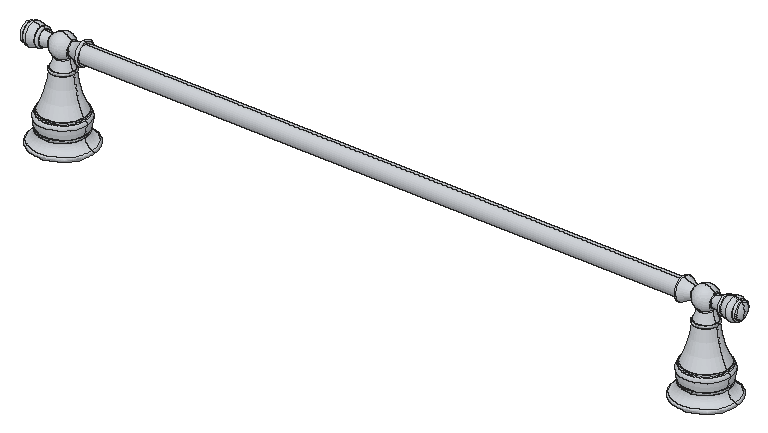
Revit family "Accessory-Towel_Bar-KOHLER-REVIVAL-K-16150T", category Specialty Equipment, host Face, Revit 2017
Family settings
  Host = Face
  Round Connector Dimension = Use Diameter
  Part Type = Normal
  OmniClass Number = 23.31.25.25
  Cut with Voids When Loaded = No
  Shared = No
  Room Calculation Point = No
Parameters (values of type "CP-Polished Chrome")
  Width = 23 125/128"  # constant formula
  WaterSense Certified = 1 = 0  # no
  URL = "http://www.kohler.com.cn/"
  Type = 1
  Product Page URL = "https://www.kohler.com.cn/product/K-16150T-CP/K-16150T-CP/"
  Product Name = "REVIVAL"  # constant formula
  Product Documentation Link = "https://files.kohler.com.cn/pdfs/inst_revival.pdf"
  Model = if(Type = 1, "K-16150T-CP", if(Type = 2, "K-16150T-AF", "NA"))  # "K-16150T-CP"
  Material = "Premium Metal Construction"  # constant formula
  Master Format 2014 Name = "Toilet, Bath, and Laundry Accessories"  # constant formula
  Master Format 2014 = "10 28 00"  # constant formula
  Manufacturer Address = "Kohler Beijing Office (100016) 36-2-03-B, No. 88, Liuxiang Road, Beijing"  # constant formula
  Manufacturer = "KOHLER Co."  # constant formula
  Length = 3 179/256"  # constant formula
  Height = 2.28346"  # constant formula
  Finish = Kohler-Metal-CP-Polished_Chrome
  Environmental Product Declaration = ""
  Description = "24 inch Towel Bar"  # constant formula
  Default Elevation = 42"
  Declare Label = ""
  Date Modified = "09/18/2020"  # constant formula
  Date Created = "09/18/2020"  # constant formula
  Copyright = "Copyright KOHLER Co."  # constant formula
  Contact Us = "http://www.kohler.com.cn/contact/contact-us/"
  Assembly Code = "C1030200"
  ADA Compliant = 1 = 0  # no
Reference planes (in)
  plane 1 "Center (Front/Back)": y = 0
  plane 2: z = 0
  plane 3 "Center (Left/Right)": x = 0
  plane 4: x = -13.4252
  plane 5: x = 13.4252
  plane 6: x = -11.98819
  plane 7: x = 11.98837
  plane 8: z = 3.69922
  plane 9: x = -13.12992
  plane 10: x = -10.84477
  plane 11: x = 10.84646
  plane 12: x = 13.12992
  plane 13: y = -1.14173
  plane 14: y = 1.14173
  plane 15: z = 3.27953
  plane 16: y = 0.31308
  plane 17: y = -0.31308
  plane 18: z = 2.85984
  plane 19: z = 3.59261
  plane 20: z = 2.96645
  plane 21: z = 0.11535
Dimensions and locks (in)
  "Width": plane 6 to plane 7
  "Length": level to plane 8
  plane 15 to level = 3.27953"
  plane 12 to plane 11 = 2.28346"
  plane 9 to plane 10 = 2 73/256"
  plane 14 to plane 13 = 2.28346"
  "Height": plane 14 to plane 13
  plane 4 to plane 5 = 26.85039"
  aligned and locked: plane 2 to host face
  aligned and locked: level to host face
Automatic sketch dimensions
  host sketch curve to host sketch curve = 96"  (x2)
Nested families (in)
  nested 1: "K-16150T" at (0, 0, 0), type "K-16150T"
Definition of nested family "K-16150T"
  Parameters (values of type "K-16150T")
    Material = none
  Reference planes (in)
    plane 1 "Center (Front/Back)": y = 0
    plane 2: z = 0
    plane 3 "Center (Left/Right)": x = 0
    plane 4: x = -11.98819
    plane 5: x = 11.98819
    plane 6: x = -13.4252
    plane 7: x = 13.4252
    plane 8: x = -13.12992
    plane 9: x = -10.84646
    plane 10: x = 13.12992
    plane 11: x = 10.84646
    plane 12: z = 3.70079
    plane 13: z = 3.27953
    plane 14: y = 1.14173
    plane 15: y = -1.14173
  Forms (in)
    Revolve 1, solid, material <- "Material", detail levels medium+fine
      sketch origin (0, 0, 0) x (1, 0, 0) y (0, 0, 1)
        loop
          line (-11.98819, 0.00002) -> (-10.90671, 0.00002)
          arc (-10.90671, 0.00002) -> (-10.84727, 0.05042) -> (-10.89041, 0.11533) r 0.05863
          arc (-10.89041, 0.11533) -> (-11.08548, 0.24155) -> (-11.16784, 0.45881) r 0.37258
          arc (-11.16784, 0.45881) -> (-11.16423, 0.47378) -> (-11.15318, 0.48451) r 0.02768
          arc (-11.15318, 0.48451) -> (-11.13786, 0.50843) -> (-11.1504, 0.53393) r 0.02894
          arc (-11.1504, 0.53393) -> (-11.15965, 0.5463) -> (-11.15946, 0.56174) r 0.02402
          arc (-11.15946, 0.56174) -> (-11.11283, 0.7281) -> (-11.08861, 0.89916) r 1.30357
          arc (-11.08861, 0.89916) -> (-11.10163, 0.98165) -> (-11.15005, 1.04969) r 0.18243
          arc (-11.15005, 1.04969) -> (-11.15784, 1.06323) -> (-11.15577, 1.07872) r 0.0243
          arc (-11.15577, 1.07872) -> (-11.1546, 1.10124) -> (-11.17021, 1.11751) r 0.02839
          arc (-11.17021, 1.11751) -> (-11.18348, 1.12591) -> (-11.19327, 1.1382) r 0.04736
          arc (-11.19327, 1.1382) -> (-11.45801, 1.77229) -> (-11.57661, 2.44912) r 3.10102
          arc (-11.57661, 2.44912) -> (-11.57335, 2.4644) -> (-11.56264, 2.47579) r 0.02903
          arc (-11.56264, 2.47579) -> (-11.5491, 2.50701) -> (-11.57418, 2.53001) r 0.02933
          arc (-11.57418, 2.53001) -> (-11.58886, 2.53567) -> (-11.59915, 2.54759) r 0.03243
          arc (-11.59915, 2.54759) -> (-11.67525, 2.71964) -> (-11.73355, 2.89852) r 1.85672
          arc (-11.73355, 2.89852) -> (-11.73296, 2.93149) -> (-11.71482, 2.95903) r 0.0592
          arc (-11.71482, 2.95903) -> (-11.59292, 3.42521) -> (-11.98819, 3.7008) r 0.42126
          line (-11.98819, 3.7008) -> (-11.98819, 0.00002)
        axis (-11.98819, 0.00002) -> (-11.98819, 3.7008)
      angle from 0 to 360
    Revolve 2, solid, material <- "Material", detail levels medium+fine
      sketch origin (0, 0, 0) x (-1, 0, 0) y (0, 0, 1)
        loop
          line (-11.98819, 0.00002) -> (-10.90671, 0.00002)
          arc (-10.90671, 0.00002) -> (-10.84727, 0.05042) -> (-10.89041, 0.11533) r 0.05863
          arc (-10.89041, 0.11533) -> (-11.08548, 0.24155) -> (-11.16784, 0.45881) r 0.37258
          arc (-11.16784, 0.45881) -> (-11.16423, 0.47378) -> (-11.15318, 0.48451) r 0.02768
          arc (-11.15318, 0.48451) -> (-11.13786, 0.50843) -> (-11.1504, 0.53393) r 0.02894
          arc (-11.1504, 0.53393) -> (-11.15965, 0.5463) -> (-11.15946, 0.56174) r 0.02402
          arc (-11.15946, 0.56174) -> (-11.11283, 0.7281) -> (-11.08861, 0.89916) r 1.30357
          arc (-11.08861, 0.89916) -> (-11.10163, 0.98165) -> (-11.15005, 1.04969) r 0.18243
          arc (-11.15005, 1.04969) -> (-11.15784, 1.06323) -> (-11.15577, 1.07872) r 0.0243
          arc (-11.15577, 1.07872) -> (-11.1546, 1.10124) -> (-11.17021, 1.11751) r 0.02839
          arc (-11.17021, 1.11751) -> (-11.18348, 1.12591) -> (-11.19327, 1.1382) r 0.04736
          arc (-11.19327, 1.1382) -> (-11.45801, 1.77229) -> (-11.57661, 2.44912) r 3.10102
          arc (-11.57661, 2.44912) -> (-11.57335, 2.4644) -> (-11.56264, 2.47579) r 0.02903
          arc (-11.56264, 2.47579) -> (-11.5491, 2.50701) -> (-11.57418, 2.53001) r 0.02933
          arc (-11.57418, 2.53001) -> (-11.58886, 2.53567) -> (-11.59915, 2.54759) r 0.03243
          arc (-11.59915, 2.54759) -> (-11.67525, 2.71964) -> (-11.73355, 2.89852) r 1.85672
          arc (-11.73355, 2.89852) -> (-11.73296, 2.93149) -> (-11.71482, 2.95903) r 0.0592
          arc (-11.71482, 2.95903) -> (-11.59292, 3.42521) -> (-11.98819, 3.7008) r 0.42126
          line (-11.98819, 3.7008) -> (-11.98819, 0.00002)
        axis (-11.98819, 0.00002) -> (-11.98819, 3.7008)
      angle from 0 to 360
    Revolve 3, void, detail levels medium+fine
      sketch origin (0, 0, 0) x (1, 0, 0) y (0, 0, 1)
        loop
          line (-11.79819, 3.519) -> (-11.79819, 3.46494) -> (-12.17565, 3.46494) -> (-12.17565, 3.519) -> (-12.29716, 3.519)
          arc (-12.29716, 3.519) -> (-12.31674, 3.52567) -> (-12.32819, 3.54291) r 0.0321
          line (-12.32819, 3.54291) -> (-12.32819, 3.62781) -> (-12.54726, 3.62781) -> (-12.54726, 3.27953) -> (-11.98819, 3.27953) -> (-11.42912, 3.27953) -> (-11.42912, 3.65818) -> (-11.64819, 3.65818) -> (-11.64819, 3.54291)
          arc (-11.64819, 3.54291) -> (-11.65964, 3.52567) -> (-11.67922, 3.519) r 0.0321
          line (-11.67922, 3.519) -> (-11.79819, 3.519)
        axis (-11.42912, 3.27953) -> (-12.54726, 3.27953)
      angle from 0 to 360
    Revolve 4, void, detail levels medium+fine
      sketch origin (0, 0, 0) x (-1, 0, 0) y (0, 0, 1)
        loop
          line (-11.79819, 3.519) -> (-11.79819, 3.46494) -> (-12.17565, 3.46494) -> (-12.17565, 3.519) -> (-12.29716, 3.519)
          arc (-12.29716, 3.519) -> (-12.31674, 3.52567) -> (-12.32819, 3.54291) r 0.0321
          line (-12.32819, 3.54291) -> (-12.32819, 3.62781) -> (-12.54726, 3.62781) -> (-12.54726, 3.27953) -> (-11.98819, 3.27953) -> (-11.42912, 3.27953) -> (-11.42912, 3.65818) -> (-11.64819, 3.65818) -> (-11.64819, 3.54291)
          arc (-11.64819, 3.54291) -> (-11.65964, 3.52567) -> (-11.67922, 3.519) r 0.0321
          line (-11.67922, 3.519) -> (-11.79819, 3.519)
        axis (-11.42912, 3.27953) -> (-12.54726, 3.27953)
      angle from 0 to 360
    Revolve 5, solid, material <- "Material", detail levels medium+fine
      sketch origin (0, 0, 0) x (1, 0, 0) y (0, 0, 1)
        loop
          line (-13.4252, 3.27953) -> (13.4252, 3.27953)
          arc (13.4252, 3.27953) -> (13.40586, 3.42156) -> (13.34667, 3.55211) r 0.49547
          arc (13.34667, 3.55211) -> (13.33443, 3.57217) -> (13.32311, 3.59276) r 0.51571
          arc (13.32311, 3.59276) -> (13.28389, 3.61974) -> (13.23959, 3.60231) r 0.05071
          arc (13.23959, 3.60231) -> (13.2236, 3.59575) -> (13.20895, 3.60493) r 0.01892
          arc (13.20895, 3.60493) -> (13.14386, 3.665) -> (13.05654, 3.67985) r 0.15569
          arc (13.05654, 3.67985) -> (12.9259, 3.65164) -> (12.8027, 3.59982) r 0.72179
          arc (12.8027, 3.59982) -> (12.78756, 3.59735) -> (12.77407, 3.60467) r 0.02373
          arc (12.77407, 3.60467) -> (12.71958, 3.61744) -> (12.68753, 3.57156) r 0.04988
          arc (12.68753, 3.57156) -> (12.68216, 3.55571) -> (12.66855, 3.54599) r 0.02725
          arc (12.66855, 3.54599) -> (12.52522, 3.51227) -> (12.37842, 3.50094) r 0.95681
          line (12.37842, 3.50094) -> (12.20524, 3.50094) -> (12.20524, 3.46277) -> (11.79819, 3.46277) -> (11.79819, 3.50094)
          arc (11.79819, 3.50094) -> (11.69976, 3.48873) -> (11.60134, 3.50094) r 0.40261
          arc (11.60134, 3.50094) -> (11.3944, 3.5759) -> (11.20659, 3.69067) r 1.09649
          arc (11.20659, 3.69067) -> (11.15923, 3.69703) -> (11.12946, 3.65964) r 0.04844
          arc (11.12946, 3.65964) -> (11.14036, 3.62075) -> (11.17694, 3.60364) r 0.04844
          line (11.17694, 3.60364) -> (11.21812, 3.59261) -> (-11.21812, 3.59261) -> (-11.17694, 3.60364)
          arc (-11.17694, 3.60364) -> (-11.14036, 3.62075) -> (-11.12946, 3.65964) r 0.04844
          arc (-11.12946, 3.65964) -> (-11.15923, 3.69703) -> (-11.20659, 3.69067) r 0.04844
          arc (-11.20659, 3.69067) -> (-11.3944, 3.5759) -> (-11.60134, 3.50094) r 1.09649
          arc (-11.60134, 3.50094) -> (-11.69976, 3.48873) -> (-11.79819, 3.50094) r 0.40261
          line (-11.79819, 3.50094) -> (-11.79819, 3.46277) -> (-12.20524, 3.46277) -> (-12.20524, 3.50094) -> (-12.37842, 3.50094)
          arc (-12.37842, 3.50094) -> (-12.5255, 3.51231) -> (-12.66908, 3.54616) r 0.95681
          arc (-12.66908, 3.54616) -> (-12.68237, 3.55569) -> (-12.68752, 3.57121) r 0.02649
          arc (-12.68752, 3.57121) -> (-12.71941, 3.61737) -> (-12.77407, 3.60467) r 0.04988
          arc (-12.77407, 3.60467) -> (-12.78756, 3.59735) -> (-12.8027, 3.59982) r 0.02373
          arc (-12.8027, 3.59982) -> (-12.9259, 3.65164) -> (-13.05654, 3.67985) r 0.72179
          arc (-13.05654, 3.67985) -> (-13.14386, 3.665) -> (-13.20895, 3.60493) r 0.15569
          arc (-13.20895, 3.60493) -> (-13.2236, 3.59575) -> (-13.23959, 3.60231) r 0.01892
          arc (-13.23959, 3.60231) -> (-13.28389, 3.61974) -> (-13.32311, 3.59276) r 0.05071
          arc (-13.32311, 3.59276) -> (-13.33443, 3.57217) -> (-13.34667, 3.55211) r 0.51571
          arc (-13.34667, 3.55211) -> (-13.40586, 3.42156) -> (-13.4252, 3.27953) r 0.49547
        axis (-13.4252, 3.27953) -> (13.4252, 3.27953)
      angle from 0 to 360
    Revolve 6, solid, material <- "Material", detail levels coarse
      sketch origin (0, 0, 0) x (1, 0, 0) y (0, 0, 1)
        loop
          line (-11.98819, 0.00003) -> (-11.98819, 3.70029) -> (-12.32412, 3.70029) -> (-12.32412, 3.02536) -> (-12.77616, 1.15169) -> (-12.88857, 1.15169) -> (-12.88857, 0.13053) -> (-13.12997, 0.13053) -> (-13.12997, 0.00003) -> (-11.98819, 0.00003)
        axis (-11.98819, 0.00003) -> (-11.98819, 3.70029)
      angle from 0 to 360
    Revolve 7, solid, material <- "Material", detail levels coarse
      sketch origin (0, 0, 0) x (1, 0, 0) y (0, 0, 1)
        loop
          line (-13.4252, 3.27953) -> (13.4252, 3.27953) -> (13.4252, 3.59158) -> (0, 3.59158) -> (-13.4252, 3.59158) -> (-13.4252, 3.27953)
        axis (-13.4252, 3.27953) -> (13.4252, 3.27953)
      angle from 0 to 360
    Revolve 8, solid, material <- "Material", detail levels coarse
      sketch origin (0, 0, 0) x (-1, 0, 0) y (0, 0, 1)
        loop
          line (-11.98819, 0.00003) -> (-11.98819, 3.70079) -> (-12.32412, 3.70079) -> (-12.32412, 3.02536) -> (-12.77616, 1.15169) -> (-12.88857, 1.15169) -> (-12.88857, 0.13053) -> (-13.12997, 0.13053) -> (-13.12997, 0.00003) -> (-11.98819, 0.00003)
        axis (-11.98819, 0.00003) -> (-11.98819, 3.70079)
      angle from 0 to 360
  Cuts and joins
    Revolve 3, Revolve 4 cuts Revolve 1
    Revolve 4 cuts Revolve 2
    joined: Revolve 1, Revolve 2
    joined: Revolve 6, Revolve 7, Revolve 8
  Lines and regions (in)
    Masking region 1
      outline origin (0, 0, 0) x (1, 0, 0) y (0, 0, 1)
        loop
          line (-11.98819, 0.00003) -> (-10.90671, 0.00003)
          arc (-10.90671, 0.00003) -> (-10.84727, 0.05044) -> (-10.89041, 0.11535) r 0.05863
          arc (-10.89041, 0.11535) -> (-11.08548, 0.24156) -> (-11.16784, 0.45883) r 0.37258
          arc (-11.16784, 0.45883) -> (-11.16423, 0.4738) -> (-11.15318, 0.48452) r 0.02768
          arc (-11.15318, 0.48452) -> (-11.13786, 0.50845) -> (-11.1504, 0.53395) r 0.02894
          arc (-11.1504, 0.53395) -> (-11.15965, 0.54631) -> (-11.15946, 0.56176) r 0.02402
          arc (-11.15946, 0.56176) -> (-11.11283, 0.72812) -> (-11.08861, 0.89918) r 1.30357
          arc (-11.08861, 0.89918) -> (-11.10163, 0.98166) -> (-11.15005, 1.0497) r 0.18243
          arc (-11.15005, 1.0497) -> (-11.15784, 1.06325) -> (-11.15577, 1.07874) r 0.0243
          arc (-11.15577, 1.07874) -> (-11.1546, 1.10126) -> (-11.17021, 1.11753) r 0.02839
          arc (-11.17021, 1.11753) -> (-11.18348, 1.12593) -> (-11.19327, 1.13821) r 0.04736
          arc (-11.19327, 1.13821) -> (-11.45801, 1.77231) -> (-11.57661, 2.44913) r 3.10102
          arc (-11.57661, 2.44913) -> (-11.57335, 2.46442) -> (-11.56264, 2.4758) r 0.02903
          arc (-11.56264, 2.4758) -> (-11.5491, 2.50702) -> (-11.57418, 2.53002) r 0.02933
          arc (-11.57418, 2.53002) -> (-11.58886, 2.53569) -> (-11.59915, 2.5476) r 0.03243
          arc (-11.59915, 2.5476) -> (-11.67525, 2.71966) -> (-11.73355, 2.89853) r 1.85672
          arc (-11.73355, 2.89853) -> (-11.73296, 2.9315) -> (-11.71482, 2.95905) r 0.0592
          arc (-11.71482, 2.95905) -> (-11.68173, 2.99052) -> (-11.65224, 3.02539) r 0.42126
          line (-11.65224, 3.02539) -> (-11.65224, 3.05811) -> (-11.60134, 3.05811)
          arc (-11.60134, 3.05811) -> (-11.3944, 2.98316) -> (-11.20659, 2.86838) r 1.09649
          arc (-11.20659, 2.86838) -> (-11.15923, 2.86203) -> (-11.12946, 2.89941) r 0.04844
          line (-11.12946, 2.89941) -> (-11.12946, 2.96645) -> (11.12946, 2.96645) -> (11.12946, 2.89941)
          arc (11.12946, 2.89941) -> (11.15923, 2.86203) -> (11.20659, 2.86838) r 0.04844
          arc (11.20659, 2.86838) -> (11.3944, 2.98316) -> (11.60134, 3.05811) r 1.09649
          line (11.60134, 3.05811) -> (11.65224, 3.05811) -> (11.65224, 3.02539)
          arc (11.65224, 3.02539) -> (11.68173, 2.99052) -> (11.71482, 2.95905) r 0.42126
          arc (11.71482, 2.95905) -> (11.73296, 2.9315) -> (11.73355, 2.89853) r 0.0592
          arc (11.73355, 2.89853) -> (11.67525, 2.71966) -> (11.59915, 2.5476) r 1.85672
          arc (11.59915, 2.5476) -> (11.58886, 2.53569) -> (11.57418, 2.53002) r 0.03243
          arc (11.57418, 2.53002) -> (11.5491, 2.50702) -> (11.56264, 2.4758) r 0.02933
          arc (11.56264, 2.4758) -> (11.57335, 2.46442) -> (11.57661, 2.44913) r 0.02903
          arc (11.57661, 2.44913) -> (11.45801, 1.77231) -> (11.19327, 1.13821) r 3.10102
          arc (11.19327, 1.13821) -> (11.18348, 1.12593) -> (11.17021, 1.11753) r 0.04736
          arc (11.17021, 1.11753) -> (11.1546, 1.10126) -> (11.15577, 1.07874) r 0.02839
          arc (11.15577, 1.07874) -> (11.15784, 1.06325) -> (11.15005, 1.0497) r 0.0243
          arc (11.15005, 1.0497) -> (11.10163, 0.98166) -> (11.08861, 0.89918) r 0.18243
          arc (11.08861, 0.89918) -> (11.11283, 0.72812) -> (11.15946, 0.56176) r 1.30357
          arc (11.15946, 0.56176) -> (11.15965, 0.54631) -> (11.1504, 0.53395) r 0.02402
          arc (11.1504, 0.53395) -> (11.13786, 0.50845) -> (11.15318, 0.48452) r 0.02894
          arc (11.15318, 0.48452) -> (11.16423, 0.4738) -> (11.16784, 0.45883) r 0.02768
          arc (11.16784, 0.45883) -> (11.08548, 0.24156) -> (10.89041, 0.11535) r 0.37258
          arc (10.89041, 0.11535) -> (10.84727, 0.05044) -> (10.90671, 0.00003) r 0.05863
          line (10.90671, 0.00003) -> (11.98819, 0.00003) -> (13.06967, 0.00003)
          arc (13.06967, 0.00003) -> (13.12911, 0.05044) -> (13.08597, 0.11535) r 0.05863
          arc (13.08597, 0.11535) -> (12.8909, 0.24156) -> (12.80854, 0.45883) r 0.37258
          arc (12.80854, 0.45883) -> (12.81215, 0.4738) -> (12.8232, 0.48452) r 0.02768
          arc (12.8232, 0.48452) -> (12.83851, 0.50845) -> (12.82598, 0.53395) r 0.02894
          arc (12.82598, 0.53395) -> (12.81673, 0.54631) -> (12.81692, 0.56176) r 0.02402
          arc (12.81692, 0.56176) -> (12.86355, 0.72812) -> (12.88777, 0.89918) r 1.30357
          arc (12.88777, 0.89918) -> (12.87474, 0.98166) -> (12.82633, 1.0497) r 0.18243
          arc (12.82633, 1.0497) -> (12.81854, 1.06325) -> (12.82061, 1.07874) r 0.0243
          arc (12.82061, 1.07874) -> (12.82178, 1.10126) -> (12.80617, 1.11753) r 0.02839
          arc (12.80617, 1.11753) -> (12.7929, 1.12593) -> (12.78311, 1.13821) r 0.04736
          arc (12.78311, 1.13821) -> (12.51837, 1.77231) -> (12.39976, 2.44913) r 3.10102
          arc (12.39976, 2.44913) -> (12.40302, 2.46442) -> (12.41374, 2.4758) r 0.02903
          arc (12.41374, 2.4758) -> (12.42728, 2.50702) -> (12.4022, 2.53002) r 0.02933
          arc (12.4022, 2.53002) -> (12.38752, 2.53569) -> (12.37723, 2.5476) r 0.03243
          arc (12.37723, 2.5476) -> (12.30113, 2.71966) -> (12.24283, 2.89853) r 1.85672
          arc (12.24283, 2.89853) -> (12.24342, 2.9315) -> (12.26156, 2.95905) r 0.0592
          arc (12.26156, 2.95905) -> (12.29465, 2.99052) -> (12.32413, 3.02539) r 0.42126
          line (12.32413, 3.02539) -> (12.32413, 3.05811) -> (12.37842, 3.05811)
          arc (12.37842, 3.05811) -> (12.52623, 3.04663) -> (12.67048, 3.01245) r 0.95681
          arc (12.67048, 3.01245) -> (12.6829, 3.00343) -> (12.68753, 2.98879) r 0.02453
          arc (12.68753, 2.98879) -> (12.71897, 2.94185) -> (12.77407, 2.95439) r 0.04988
          arc (12.77407, 2.95439) -> (12.78756, 2.9617) -> (12.8027, 2.95923) r 0.02373
          arc (12.8027, 2.95923) -> (12.9259, 2.90742) -> (13.05654, 2.8792) r 0.72179
          arc (13.05654, 2.8792) -> (13.14386, 2.89406) -> (13.20895, 2.95413) r 0.15569
          arc (13.20895, 2.95413) -> (13.2236, 2.9633) -> (13.23959, 2.95675) r 0.01892
          arc (13.23959, 2.95675) -> (13.28389, 2.93932) -> (13.32311, 2.96629) r 0.05071
          arc (13.32311, 2.96629) -> (13.33443, 2.98689) -> (13.34667, 3.00694) r 0.51571
          arc (13.34667, 3.00694) -> (13.40586, 3.13749) -> (13.4252, 3.27953) r 0.49547
          arc (13.4252, 3.27953) -> (13.40586, 3.42156) -> (13.34667, 3.55211) r 0.49547
          arc (13.34667, 3.55211) -> (13.33443, 3.57217) -> (13.32311, 3.59276) r 0.51571
          arc (13.32311, 3.59276) -> (13.28389, 3.61974) -> (13.23959, 3.60231) r 0.05071
          arc (13.23959, 3.60231) -> (13.2236, 3.59575) -> (13.20895, 3.60493) r 0.01892
          arc (13.20895, 3.60493) -> (13.14386, 3.665) -> (13.05654, 3.67985) r 0.15569
          arc (13.05654, 3.67985) -> (12.9259, 3.65164) -> (12.8027, 3.59982) r 0.72179
          arc (12.8027, 3.59982) -> (12.78756, 3.59735) -> (12.77407, 3.60467) r 0.02373
          arc (12.77407, 3.60467) -> (12.71897, 3.6172) -> (12.68753, 3.57026) r 0.04988
          arc (12.68753, 3.57026) -> (12.6829, 3.55563) -> (12.67048, 3.54661) r 0.02453
          arc (12.67048, 3.54661) -> (12.52623, 3.51243) -> (12.37842, 3.50094) r 0.95681
          line (12.37842, 3.50094) -> (12.32413, 3.50094) -> (12.32413, 3.53373)
          arc (12.32413, 3.53373) -> (12.17579, 3.65674) -> (11.98819, 3.70082) r 0.42126
          arc (11.98819, 3.70082) -> (11.80059, 3.65674) -> (11.65224, 3.53373) r 0.42126
          line (11.65224, 3.53373) -> (11.65224, 3.50094) -> (11.60134, 3.50094)
          arc (11.60134, 3.50094) -> (11.3944, 3.5759) -> (11.20659, 3.69067) r 1.09649
          arc (11.20659, 3.69067) -> (11.15923, 3.69703) -> (11.12946, 3.65964) r 0.04844
          line (11.12946, 3.65964) -> (11.12946, 3.59261) -> (-11.12946, 3.59261) -> (-11.12946, 3.65964)
          arc (-11.12946, 3.65964) -> (-11.15923, 3.69703) -> (-11.20659, 3.69067) r 0.04844
          arc (-11.20659, 3.69067) -> (-11.3944, 3.5759) -> (-11.60134, 3.50094) r 1.09649
          line (-11.60134, 3.50094) -> (-11.65224, 3.50094) -> (-11.65224, 3.53373)
          arc (-11.65224, 3.53373) -> (-11.80059, 3.65674) -> (-11.98819, 3.70082) r 0.42126
          arc (-11.98819, 3.70082) -> (-12.17579, 3.65674) -> (-12.32413, 3.53373) r 0.42126
          line (-12.32413, 3.53373) -> (-12.32413, 3.50094) -> (-12.37842, 3.50094)
          arc (-12.37842, 3.50094) -> (-12.52623, 3.51243) -> (-12.67048, 3.54661) r 0.95681
          arc (-12.67048, 3.54661) -> (-12.6829, 3.55563) -> (-12.68753, 3.57026) r 0.02453
          arc (-12.68753, 3.57026) -> (-12.71897, 3.6172) -> (-12.77407, 3.60467) r 0.04988
          arc (-12.77407, 3.60467) -> (-12.78756, 3.59735) -> (-12.8027, 3.59982) r 0.02373
          arc (-12.8027, 3.59982) -> (-12.9259, 3.65164) -> (-13.05654, 3.67985) r 0.72179
          arc (-13.05654, 3.67985) -> (-13.14386, 3.665) -> (-13.20895, 3.60493) r 0.15569
          arc (-13.20895, 3.60493) -> (-13.2236, 3.59575) -> (-13.23959, 3.60231) r 0.01892
          arc (-13.23959, 3.60231) -> (-13.28389, 3.61974) -> (-13.32311, 3.59276) r 0.05071
          arc (-13.32311, 3.59276) -> (-13.33443, 3.57217) -> (-13.34667, 3.55211) r 0.51571
          arc (-13.34667, 3.55211) -> (-13.40586, 3.42156) -> (-13.4252, 3.27953) r 0.49547
          arc (-13.4252, 3.27953) -> (-13.40586, 3.13749) -> (-13.34667, 3.00694) r 0.49547
          arc (-13.34667, 3.00694) -> (-13.33443, 2.98689) -> (-13.32311, 2.96629) r 0.51571
          arc (-13.32311, 2.96629) -> (-13.28389, 2.93932) -> (-13.23959, 2.95675) r 0.05071
          arc (-13.23959, 2.95675) -> (-13.2236, 2.9633) -> (-13.20895, 2.95413) r 0.01892
          arc (-13.20895, 2.95413) -> (-13.14386, 2.89406) -> (-13.05654, 2.8792) r 0.15569
          arc (-13.05654, 2.8792) -> (-12.9259, 2.90742) -> (-12.8027, 2.95923) r 0.72179
          arc (-12.8027, 2.95923) -> (-12.78756, 2.9617) -> (-12.77407, 2.95439) r 0.02373
          arc (-12.77407, 2.95439) -> (-12.71897, 2.94185) -> (-12.68753, 2.98879) r 0.04988
          arc (-12.68753, 2.98879) -> (-12.6829, 3.00343) -> (-12.67048, 3.01245) r 0.02453
          arc (-12.67048, 3.01245) -> (-12.52623, 3.04663) -> (-12.37842, 3.05811) r 0.95681
          line (-12.37842, 3.05811) -> (-12.32413, 3.05811) -> (-12.32413, 3.02539)
          arc (-12.32413, 3.02539) -> (-12.29465, 2.99052) -> (-12.26156, 2.95905) r 0.42126
          arc (-12.26156, 2.95905) -> (-12.24342, 2.9315) -> (-12.24283, 2.89853) r 0.0592
          arc (-12.24283, 2.89853) -> (-12.30113, 2.71966) -> (-12.37723, 2.5476) r 1.85672
          arc (-12.37723, 2.5476) -> (-12.38752, 2.53569) -> (-12.4022, 2.53002) r 0.03243
          arc (-12.4022, 2.53002) -> (-12.42728, 2.50702) -> (-12.41374, 2.4758) r 0.02933
          arc (-12.41374, 2.4758) -> (-12.40302, 2.46442) -> (-12.39976, 2.44913) r 0.02903
          arc (-12.39976, 2.44913) -> (-12.51837, 1.77231) -> (-12.78311, 1.13821) r 3.10102
          arc (-12.78311, 1.13821) -> (-12.7929, 1.12593) -> (-12.80617, 1.11753) r 0.04736
          arc (-12.80617, 1.11753) -> (-12.82178, 1.10126) -> (-12.82061, 1.07874) r 0.02839
          arc (-12.82061, 1.07874) -> (-12.81854, 1.06325) -> (-12.82633, 1.0497) r 0.0243
          arc (-12.82633, 1.0497) -> (-12.87474, 0.98166) -> (-12.88777, 0.89918) r 0.18243
          arc (-12.88777, 0.89918) -> (-12.86355, 0.72812) -> (-12.81692, 0.56176) r 1.30357
          arc (-12.81692, 0.56176) -> (-12.81673, 0.54631) -> (-12.82598, 0.53395) r 0.02402
          arc (-12.82598, 0.53395) -> (-12.83851, 0.50845) -> (-12.8232, 0.48452) r 0.02894
          arc (-12.8232, 0.48452) -> (-12.81215, 0.4738) -> (-12.80854, 0.45883) r 0.02768
          arc (-12.80854, 0.45883) -> (-12.8909, 0.24156) -> (-13.08597, 0.11535) r 0.37258
          arc (-13.08597, 0.11535) -> (-13.12911, 0.05044) -> (-13.06967, 0.00003) r 0.05863
          line (-13.06967, 0.00003) -> (-11.98819, 0.00003)
    Masking region 2
      outline origin (0, 0, 0) x (0, 1, 0) y (0, 0, 1)
        loop
          line (0, 0.00003) -> (1.08148, 0.00003)
          arc (1.08148, 0.00003) -> (1.14092, 0.05044) -> (1.09778, 0.11535) r 0.05863
          arc (1.09778, 0.11535) -> (0.90271, 0.24156) -> (0.82035, 0.45883) r 0.37258
          arc (0.82035, 0.45883) -> (0.82396, 0.4738) -> (0.83501, 0.48452) r 0.02768
          arc (0.83501, 0.48452) -> (0.85032, 0.50845) -> (0.83779, 0.53395) r 0.02894
          arc (0.83779, 0.53395) -> (0.82854, 0.54631) -> (0.82873, 0.56176) r 0.02402
          arc (0.82873, 0.56176) -> (0.87536, 0.72812) -> (0.89958, 0.89918) r 1.30357
          arc (0.89958, 0.89918) -> (0.88656, 0.98166) -> (0.83814, 1.0497) r 0.18243
          arc (0.83814, 1.0497) -> (0.83035, 1.06325) -> (0.83242, 1.07874) r 0.0243
          arc (0.83242, 1.07874) -> (0.83359, 1.10126) -> (0.81798, 1.11753) r 0.02839
          arc (0.81798, 1.11753) -> (0.80471, 1.12593) -> (0.79492, 1.13821) r 0.04736
          arc (0.79492, 1.13821) -> (0.53018, 1.77231) -> (0.41157, 2.44913) r 3.10102
          arc (0.41157, 2.44913) -> (0.41484, 2.46442) -> (0.42555, 2.4758) r 0.02903
          arc (0.42555, 2.4758) -> (0.43909, 2.50702) -> (0.41401, 2.53002) r 0.02933
          arc (0.41401, 2.53002) -> (0.39933, 2.53569) -> (0.38904, 2.5476) r 0.03243
          arc (0.38904, 2.5476) -> (0.31294, 2.71966) -> (0.25464, 2.89853) r 1.85672
          arc (0.25464, 2.89853) -> (0.25523, 2.9315) -> (0.27337, 2.95905) r 0.0592
          arc (0.27337, 2.95905) -> (0.39527, 3.42523) -> (0, 3.70082) r 0.42126
          arc (0, 3.70082) -> (-0.39527, 3.42523) -> (-0.27337, 2.95905) r 0.42126
          arc (-0.27337, 2.95905) -> (-0.25523, 2.9315) -> (-0.25464, 2.89853) r 0.0592
          arc (-0.25464, 2.89853) -> (-0.31294, 2.71966) -> (-0.38904, 2.5476) r 1.85672
          arc (-0.38904, 2.5476) -> (-0.39933, 2.53569) -> (-0.41401, 2.53002) r 0.03243
          arc (-0.41401, 2.53002) -> (-0.43909, 2.50702) -> (-0.42555, 2.4758) r 0.02933
          arc (-0.42555, 2.4758) -> (-0.41484, 2.46442) -> (-0.41157, 2.44913) r 0.02903
          arc (-0.41157, 2.44913) -> (-0.53018, 1.77231) -> (-0.79492, 1.13821) r 3.10102
          arc (-0.79492, 1.13821) -> (-0.80471, 1.12593) -> (-0.81798, 1.11753) r 0.04736
          arc (-0.81798, 1.11753) -> (-0.83359, 1.10126) -> (-0.83242, 1.07874) r 0.02839
          arc (-0.83242, 1.07874) -> (-0.83035, 1.06325) -> (-0.83814, 1.0497) r 0.0243
          arc (-0.83814, 1.0497) -> (-0.88656, 0.98166) -> (-0.89958, 0.89918) r 0.18243
          arc (-0.89958, 0.89918) -> (-0.87536, 0.72812) -> (-0.82873, 0.56176) r 1.30357
          arc (-0.82873, 0.56176) -> (-0.82854, 0.54631) -> (-0.83779, 0.53395) r 0.02402
          arc (-0.83779, 0.53395) -> (-0.85032, 0.50845) -> (-0.83501, 0.48452) r 0.02894
          arc (-0.83501, 0.48452) -> (-0.82396, 0.4738) -> (-0.82035, 0.45883) r 0.02768
          arc (-0.82035, 0.45883) -> (-0.90271, 0.24156) -> (-1.09778, 0.11535) r 0.37258
          arc (-1.09778, 0.11535) -> (-1.14092, 0.05044) -> (-1.08148, 0.00003) r 0.05863
          line (-1.08148, 0.00003) -> (0, 0.00003)
    Masking region 3
      outline origin (0, 0, 0) x (1, 0, 0) y (0, 1, 0)
        loop
          arc (13.42522, 0) -> (13.40588, 0.14203) -> (13.34669, 0.27259) r 0.49547
          arc (13.34669, 0.27259) -> (13.33445, 0.29264) -> (13.32314, 0.31323) r 0.51571
          arc (13.32314, 0.31323) -> (13.28391, 0.34021) -> (13.23961, 0.32278) r 0.05071
          arc (13.23961, 0.32278) -> (13.22362, 0.31622) -> (13.20897, 0.3254) r 0.01892
          arc (13.20897, 0.3254) -> (13.14426, 0.38528) -> (13.0574, 0.40042) r 0.15569
          arc (13.0574, 0.40042) -> (11.94221, 1.14081) -> (10.89022, 0.31308) r 1.14173
          line (10.89022, 0.31308) -> (-10.89022, 0.31308)
          arc (-10.89022, 0.31308) -> (-11.94221, 1.14081) -> (-13.0574, 0.40043) r 1.14173
          arc (-13.0574, 0.40043) -> (-13.14423, 0.38527) -> (-13.20892, 0.3254) r 0.15569
          arc (-13.20892, 0.3254) -> (-13.22357, 0.31622) -> (-13.23956, 0.32278) r 0.01892
          arc (-13.23956, 0.32278) -> (-13.28386, 0.34021) -> (-13.32309, 0.31323) r 0.05071
          arc (-13.32309, 0.31323) -> (-13.3344, 0.29264) -> (-13.34664, 0.27259) r 0.51571
          arc (-13.34664, 0.27259) -> (-13.40583, 0.14203) -> (-13.42517, 0) r 0.49547
          arc (-13.42517, 0) -> (-13.40583, -0.14203) -> (-13.34664, -0.27259) r 0.49547
          arc (-13.34664, -0.27259) -> (-13.3344, -0.29264) -> (-13.32309, -0.31323) r 0.51571
          arc (-13.32309, -0.31323) -> (-13.28386, -0.34021) -> (-13.23956, -0.32278) r 0.05071
          arc (-13.23956, -0.32278) -> (-13.22357, -0.31622) -> (-13.20892, -0.3254) r 0.01892
          arc (-13.20892, -0.3254) -> (-13.14423, -0.38527) -> (-13.0574, -0.40043) r 0.15569
          arc (-13.0574, -0.40043) -> (-11.94221, -1.14081) -> (-10.89022, -0.31308) r 1.14173
          line (-10.89022, -0.31308) -> (10.89022, -0.31308)
          arc (10.89022, -0.31308) -> (11.94221, -1.14081) -> (13.0574, -0.40042) r 1.14173
          arc (13.0574, -0.40042) -> (13.14426, -0.38528) -> (13.20897, -0.3254) r 0.15569
          arc (13.20897, -0.3254) -> (13.22362, -0.31622) -> (13.23961, -0.32278) r 0.01892
          arc (13.23961, -0.32278) -> (13.28391, -0.34021) -> (13.32314, -0.31323) r 0.05071
          arc (13.32314, -0.31323) -> (13.33445, -0.29264) -> (13.34669, -0.27259) r 0.51571
          arc (13.34669, -0.27259) -> (13.40588, -0.14203) -> (13.42522, 0) r 0.49547
    symbolic lines, detail levels medium+fine
      curve 1: line (-13.08597, 0, 0.11535) -> (-10.89041, 0, 0.11535)
      curve 2: line (-12.80854, 0, 0.45883) -> (-11.16784, 0, 0.45883)
      curve 3: line (-12.8232, 0, 0.48452) -> (-11.15318, 0, 0.48452)
      curve 4: line (-12.82598, 0, 0.53395) -> (-11.1504, 0, 0.53395)
      curve 5: line (-12.81692, 0, 0.56176) -> (-11.15946, 0, 0.56176)
      curve 6: line (-12.88777, 0, 0.89918) -> (-11.08861, 0, 0.89918)
      curve 7: line (-12.82633, 0, 1.0497) -> (-11.15005, 0, 1.0497)
      curve 8: line (-12.82061, 0, 1.07874) -> (-11.15577, 0, 1.07874)
      curve 9: line (-12.80617, 0, 1.11753) -> (-11.17021, 0, 1.11753)
      curve 10: line (-12.78311, 0, 1.13821) -> (-11.19327, 0, 1.13821)
      curve 11: line (-12.39976, 0, 2.44913) -> (-11.57661, 0, 2.44913)
      curve 12: line (-12.41374, 0, 2.4758) -> (-11.56264, 0, 2.4758)
      curve 13: line (-12.4022, 0, 2.53002) -> (-11.57418, 0, 2.53002)
      curve 14: line (-12.37723, 0, 2.5476) -> (-11.59915, 0, 2.5476)
      curve 15: line (-12.24283, 0, 2.89853) -> (-11.73355, 0, 2.89853)
      curve 16: line (-12.26156, 0, 2.95905) -> (-11.71482, 0, 2.95905)
      curve 17: line (-12.32413, 0, 3.50094) -> (-12.32413, 0, 3.05811)
      curve 18: line (-11.65224, 0, 3.50094) -> (-11.65224, 0, 3.05811)
      curve 19: line (-13.34667, 0, 3.55211) -> (-13.34667, 0, 3.00694)
      curve 20: line (-13.23959, 0, 3.60231) -> (-13.23959, 0, 2.95675)
      curve 21: line (-13.20895, 0, 3.60493) -> (-13.20895, 0, 2.95413)
      curve 22: line (-13.05654, 0, 3.67985) -> (-13.05654, 0, 2.8792)
      curve 23: line (-12.8027, 0, 3.59982) -> (-12.8027, 0, 2.95923)
      curve 24: line (-12.77407, 0, 3.60467) -> (-12.77407, 0, 2.95439)
      curve 25: line (-12.68753, 0, 3.57026) -> (-12.68753, 0, 2.98879)
      curve 26: line (-12.67048, 0, 3.54661) -> (-12.67048, 0, 3.01245)
      curve 27: line (-12.37842, 0, 3.50094) -> (-12.37842, 0, 3.05811)
      curve 28: line (-11.60134, 0, 3.50094) -> (-11.60134, 0, 3.05811)
      curve 29: line (-11.12946, 0, 3.59261) -> (-11.12946, 0, 2.96645)
      curve 30: line (-11.20659, 0, 3.69067) -> (-11.20659, 0, 2.86838)
      curve 31: line (13.08597, 0, 0.11535) -> (10.89041, 0, 0.11535)
      curve 32: line (12.80854, 0, 0.45883) -> (11.16784, 0, 0.45883)
      curve 33: line (12.8232, 0, 0.48452) -> (11.15318, 0, 0.48452)
      curve 34: line (12.82598, 0, 0.53395) -> (11.1504, 0, 0.53395)
      curve 35: line (12.81692, 0, 0.56176) -> (11.15946, 0, 0.56176)
      curve 36: line (12.88777, 0, 0.89918) -> (11.08861, 0, 0.89918)
      curve 37: line (12.82633, 0, 1.0497) -> (11.15005, 0, 1.0497)
      curve 38: line (12.82061, 0, 1.07874) -> (11.15577, 0, 1.07874)
      curve 39: line (12.80617, 0, 1.11753) -> (11.17021, 0, 1.11753)
      curve 40: line (12.78311, 0, 1.13821) -> (11.19327, 0, 1.13821)
      curve 41: line (12.39976, 0, 2.44913) -> (11.57661, 0, 2.44913)
      curve 42: line (12.41374, 0, 2.4758) -> (11.56264, 0, 2.4758)
      curve 43: line (12.4022, 0, 2.53002) -> (11.57418, 0, 2.53002)
      curve 44: line (12.37723, 0, 2.5476) -> (11.59915, 0, 2.5476)
      curve 45: line (12.24283, 0, 2.89853) -> (11.73355, 0, 2.89853)
      curve 46: line (12.26156, 0, 2.95905) -> (11.71482, 0, 2.95905)
      curve 47: line (12.32413, 0, 3.50094) -> (12.32413, 0, 3.05811)
      curve 48: line (11.65224, 0, 3.50094) -> (11.65224, 0, 3.05811)
      curve 49: line (13.34667, 0, 3.55211) -> (13.34667, 0, 3.00694)
      curve 50: line (13.23959, 0, 3.60231) -> (13.23959, 0, 2.95675)
      curve 51: line (13.20895, 0, 3.60493) -> (13.20895, 0, 2.95413)
      curve 52: line (13.05654, 0, 3.67985) -> (13.05654, 0, 2.8792)
      curve 53: line (12.8027, 0, 3.59982) -> (12.8027, 0, 2.95923)
      curve 54: line (12.77407, 0, 3.60467) -> (12.77407, 0, 2.95439)
      curve 55: line (12.68753, 0, 3.57026) -> (12.68753, 0, 2.98879)
      curve 56: line (12.67048, 0, 3.54661) -> (12.67048, 0, 3.01245)
      curve 57: line (12.37842, 0, 3.50094) -> (12.37842, 0, 3.05811)
      curve 58: line (11.60134, 0, 3.50094) -> (11.60134, 0, 3.05811)
      curve 59: line (11.12946, 0, 3.59261) -> (11.12946, 0, 2.96645)
      curve 60: line (11.20659, 0, 3.69067) -> (11.20659, 0, 2.86838)
      curve 61: line (0, 1.09778, 0.11535) -> (0, -1.09778, 0.11535)
      curve 62: line (0, 0.82035, 0.45883) -> (0, -0.82035, 0.45883)
      curve 63: line (0, 0.83501, 0.48452) -> (0, -0.83501, 0.48452)
      curve 64: line (0, 0.83779, 0.53395) -> (0, -0.83779, 0.53395)
      curve 65: line (0, 0.82873, 0.56176) -> (0, -0.82873, 0.56176)
      curve 66: line (0, 0.89958, 0.89918) -> (0, -0.89958, 0.89918)
      curve 67: line (0, 0.83814, 1.0497) -> (0, -0.83814, 1.0497)
      curve 68: line (0, 0.83242, 1.07874) -> (0, -0.83242, 1.07874)
      curve 69: line (0, 0.81798, 1.11753) -> (0, -0.81798, 1.11753)
      curve 70: line (0, 0.79492, 1.13821) -> (0, -0.79492, 1.13821)
      curve 71: line (0, 0.41157, 2.44913) -> (0, -0.41157, 2.44913)
      curve 72: line (0, 0.42555, 2.4758) -> (0, -0.42555, 2.4758)
      curve 73: line (0, 0.41401, 2.53002) -> (0, -0.41401, 2.53002)
      curve 74: line (0, 0.38904, 2.5476) -> (0, -0.38904, 2.5476)
      curve 75: circle (0, 0, 3.27953) r 0.34225 normal (1, 0, 0)
      curve 76: circle (0, 0, 3.27953) r 0.25764 normal (1, 0, 0)
      curve 77: circle (0, 0, 3.27953) r 0.23947 normal (1, 0, 0)
      curve 78: circle (0, 0, 3.27953) r 0.3937 normal (1, 0, 0)
      curve 79: line (0, 0.25464, 2.89853) -> (0, 0.09921, 2.89853)
      curve 80: line (0, 0.27337, 2.95905) -> (0, 0.22867, 2.95905)
      curve 81: line (0, -0.27337, 2.95905) -> (0, -0.22867, 2.95905)
      curve 82: line (0, -0.25464, 2.89853) -> (0, -0.09921, 2.89853)
      curve 83: arc (-13.0574, 0.40043, 0) -> (-12.932, 0.37451, 0) -> (-12.81281, 0.32773, 0) r 0.75341
      curve 84: arc (-12.7676, 0.33145, 0) -> (-12.71273, 0.33435, 0) -> (-12.68726, 0.28566, 0) r 0.05085
      curve 85: arc (-12.81281, 0.32773, 0) -> (-12.78969, 0.32332, 0) -> (-12.7676, 0.33145, 0) r 0.04402
      curve 86: arc (-12.68726, 0.28566, 0) -> (-12.68379, 0.27457, 0) -> (-12.67349, 0.26919, 0) r 0.01518
      curve 87: arc (-12.67349, 0.26919, 0) -> (-12.52225, 0.2329, 0) -> (-12.36719, 0.22067, 0) r 0.99314
      curve 88: line (-12.36719, 0.22067, 0) -> (-12.32413, 0.22067, 0)
      curve 89: line (-12.32413, 0, 0) -> (-12.32413, 0.25548, 0)
      curve 90: line (-11.65225, 0, 0) -> (-11.65225, 0.25548, 0)
      curve 91: arc (-12.34839, 0.22067, 0) -> (-11.99014, 0.42029, 0) -> (-11.63008, 0.22396, 0) r 0.42477
      curve 92: arc (-11.65225, 0.22067, 0) -> (-11.40836, 0.28995, 0) -> (-11.19368, 0.42484, 0) r 0.89495
      curve 93: arc (-11.19368, 0.42484, 0) -> (-11.15062, 0.41457, 0) -> (-11.13154, 0.37462, 0) r 0.05136
      curve 94: line (-11.13154, 0.37462, 0) -> (-11.13154, 0.31308, 0)
      curve 95: line (-11.13154, 0.31308, 0) -> (-10.89022, 0.31308, 0)
      curve 96: arc (-12.7676, -0.33145, 0) -> (-12.71434, -0.33523, 0) -> (-12.68707, -0.28933, 0) r 0.05085
      curve 97: arc (-12.81281, -0.32773, 0) -> (-12.78969, -0.32332, 0) -> (-12.7676, -0.33145, 0) r 0.04402
      curve 98: arc (-12.67242, -0.26884, 0) -> (-12.52154, -0.23279, 0) -> (-12.36688, -0.22067, 0) r 0.99314
      curve 99: line (-12.36688, -0.22067, 0) -> (-12.32413, -0.22067, 0)
      curve 100: line (-12.32413, 0, 0) -> (-12.32413, -0.25548, 0)
      curve 101: line (-11.65225, 0, 0) -> (-11.65225, -0.25548, 0)
      curve 102: arc (-12.34839, -0.22067, 0) -> (-11.99014, -0.42029, 0) -> (-11.63008, -0.22396, 0) r 0.42477
      curve 103: arc (-11.65225, -0.22067, 0) -> (-11.40836, -0.28995, 0) -> (-11.19368, -0.42484, 0) r 0.89495
      curve 104: arc (-11.19368, -0.42484, 0) -> (-11.15062, -0.41457, 0) -> (-11.13154, -0.37462, 0) r 0.05136
      curve 105: line (-11.13154, -0.37462, 0) -> (-11.13154, -0.31308, 0)
      curve 106: arc (-13.0574, -0.40043, 0) -> (-12.932, -0.37451, 0) -> (-12.81281, -0.32773, 0) r 0.75341
      curve 107: line (-11.13154, -0.31308, 0) -> (-10.89022, -0.31308, 0)
      curve 108: arc (-12.68707, -0.28933, 0) -> (-12.68313, -0.27667, 0) -> (-12.67242, -0.26884, 0) r 0.02116
      curve 109: line (-13.34664, 0.27259, 0) -> (-13.34664, -0.27259, 0)
      curve 110: line (-13.23956, 0.32278, 0) -> (-13.23956, -0.32278, 0)
      curve 111: line (-13.20892, 0.3254, 0) -> (-13.20892, -0.3254, 0)
      curve 112: line (-13.0574, 0.40043, 0) -> (-13.0574, -0.40043, 0)
      curve 113: line (-12.81281, 0.32773, 0) -> (-12.81281, -0.32773, 0)
      curve 114: line (-12.7676, 0.33145, 0) -> (-12.7676, -0.33145, 0)
      curve 115: line (-12.68726, 0.28566, 0) -> (-12.68726, -0.28892, 0)
      curve 116: line (-12.36719, 0.22067, 0) -> (-12.36719, -0.22285, 0)
      curve 117: line (-11.60459, 0.22844, 0) -> (-11.60459, -0.22844, 0)
      curve 118: line (-11.19368, 0.42484, 0) -> (-11.19368, -0.42484, 0)
      curve 119: line (-11.13154, 0.31308, 0) -> (-11.13154, -0.31308, 0)
      curve 120: arc (-12.99548, -0.39041, 0) -> (-11.94729, -1.07953, 0) -> (-10.95425, -0.31308, 0) r 1.0803
      curve 121: arc (-12.82512, -0.32399, 0) -> (-12.04549, -0.89562, 0) -> (-11.19937, -0.42801, 0) r 0.89745
      curve 122: arc (-12.76116, -0.33539, 0) -> (-12.0173, -0.8421, 0) -> (-11.24023, -0.38797, 0) r 0.8426
      curve 123: arc (-11.24023, 0.38797, 0) -> (-12.0173, 0.8421, 0) -> (-12.76116, 0.33539, 0) r 0.8426
      curve 124: arc (-11.19892, 0.42717, 0) -> (-12.04064, 0.89592, 0) -> (-12.82191, 0.33215, 0) r 0.89745
      curve 125: arc (-10.95425, 0.31308, 0) -> (-11.94962, 1.07962, 0) -> (-12.99716, 0.38606, 0) r 1.0803
      curve 126: arc (13.0574, 0.40043, 0) -> (12.932, 0.37451, 0) -> (12.81281, 0.32773, 0) r 0.75341
      curve 127: arc (12.7676, 0.33145, 0) -> (12.71273, 0.33435, 0) -> (12.68726, 0.28566, 0) r 0.05085
      curve 128: arc (12.81281, 0.32773, 0) -> (12.78969, 0.32332, 0) -> (12.7676, 0.33145, 0) r 0.04402
      curve 129: arc (12.68726, 0.27377, 0) -> (12.52941, 0.23406, 0) -> (12.36719, 0.22067, 0) r 0.99314
      curve 130: line (12.36719, 0.22067, 0) -> (12.32413, 0.22067, 0)
      curve 131: line (12.32413, 0, 0) -> (12.32413, 0.25548, 0)
      curve 132: line (11.65225, 0, 0) -> (11.65225, 0.25548, 0)
      curve 133: arc (12.34839, 0.22067, 0) -> (11.99014, 0.42029, 0) -> (11.63008, 0.22396, 0) r 0.42477
      curve 134: arc (11.65225, 0.22067, 0) -> (11.40836, 0.28995, 0) -> (11.19368, 0.42484, 0) r 0.89495
      curve 135: arc (11.19368, 0.42484, 0) -> (11.15062, 0.41457, 0) -> (11.13154, 0.37462, 0) r 0.05136
      curve 136: line (11.13154, 0.37462, 0) -> (11.13154, 0.31308, 0)
      curve 137: arc (12.7676, -0.33145, 0) -> (12.71273, -0.33435, 0) -> (12.68726, -0.28566, 0) r 0.05085
      curve 138: arc (12.81281, -0.32773, 0) -> (12.78969, -0.32332, 0) -> (12.7676, -0.33145, 0) r 0.04402
      curve 139: arc (12.68726, -0.27377, 0) -> (12.52926, -0.23404, 0) -> (12.36688, -0.22067, 0) r 0.99314
      curve 140: line (12.36688, -0.22067, 0) -> (12.32413, -0.22067, 0)
      curve 141: line (12.32413, 0, 0) -> (12.32413, -0.25548, 0)
      curve 142: line (11.65225, 0, 0) -> (11.65225, -0.25548, 0)
      curve 143: arc (12.34839, -0.22067, 0) -> (11.99014, -0.42029, 0) -> (11.63008, -0.22396, 0) r 0.42477
      curve 144: arc (11.65225, -0.22067, 0) -> (11.40836, -0.28995, 0) -> (11.19368, -0.42484, 0) r 0.89495
      curve 145: arc (11.19368, -0.42484, 0) -> (11.15062, -0.41457, 0) -> (11.13154, -0.37462, 0) r 0.05136
      curve 146: line (11.13154, -0.37462, 0) -> (11.13154, -0.31308, 0)
      curve 147: arc (13.0574, -0.40043, 0) -> (12.932, -0.37451, 0) -> (12.81281, -0.32773, 0) r 0.75341
      curve 148: line (13.34664, 0.27259, 0) -> (13.34664, -0.27259, 0)
      curve 149: line (13.23956, 0.32278, 0) -> (13.23956, -0.32278, 0)
      curve 150: line (13.20892, 0.3254, 0) -> (13.20892, -0.3254, 0)
      curve 151: line (13.0574, 0.40043, 0) -> (13.0574, -0.40043, 0)
      curve 152: line (12.81281, 0.32773, 0) -> (12.81281, -0.32773, 0)
      curve 153: line (12.7676, 0.33145, 0) -> (12.7676, -0.33145, 0)
      curve 154: line (12.68726, 0.28566, 0) -> (12.68726, -0.28566, 0)
      curve 155: line (12.36719, 0.22067, 0) -> (12.36719, -0.22285, 0)
      curve 156: line (11.60459, 0.22844, 0) -> (11.60459, -0.22844, 0)
      curve 157: line (11.19368, 0.42484, 0) -> (11.19368, -0.42484, 0)
      curve 158: line (11.13154, 0.31308, 0) -> (11.13154, -0.31308, 0)
      curve 159: arc (12.99548, -0.39041, 0) -> (11.94729, -1.07953, 0) -> (10.95425, -0.31308, 0) r 1.0803
      curve 160: arc (12.82512, -0.32399, 0) -> (12.04549, -0.89562, 0) -> (11.19937, -0.42801, 0) r 0.89745
      curve 161: arc (12.76116, -0.33539, 0) -> (12.0173, -0.8421, 0) -> (11.24023, -0.38797, 0) r 0.8426
      curve 162: arc (11.24023, 0.38797, 0) -> (12.0173, 0.8421, 0) -> (12.76116, 0.33539, 0) r 0.8426
      curve 163: arc (11.19892, 0.42717, 0) -> (12.04064, 0.89592, 0) -> (12.82191, 0.33215, 0) r 0.89745
      curve 164: arc (10.95425, 0.31308, 0) -> (11.94962, 1.07962, 0) -> (12.99716, 0.38606, 0) r 1.0803
      curve 165: line (11.13154, 0.31308, 0) -> (10.89075, 0.31308, 0)
      curve 166: line (11.13154, -0.31308, 0) -> (10.89075, -0.31308, 0)
  Dimensions and locks (in)
    equal spacing: plane 5, plane 3 "Center (Left/Right)", plane 4
    aligned and locked: plane 2 to level
  Automatic sketch dimensions
    curve 120 to curve 121 = 0"  (x2)
    curve 120 to curve 124 = 0"  (x2)
    curve 120 to curve 125 = 0"  (x2)
    curve 122 to curve 123 = 0"  (x2)
    curve 122 to curve 124 = 0"
    curve 123 to curve 124 = 0"
    curve 159 to curve 161 = 0"
    curve 159 to curve 163 = 0"
    curve 159 to curve 164 = 0"
    curve 160 to curve 163 = 0"  (x2)
    curve 160 to curve 164 = 0"
    curve 161 to curve 162 = 0"
    curve 161 to curve 164 = 0"
    curve 162 to curve 163 = 0"
    curve 162 to curve 164 = 0"
    plane 1 "Center (Front/Back)" to curve 100 = 0"
    plane 1 "Center (Front/Back)" to curve 124 = 0"
    curve 124 to plane 4 = 0"
    plane 1 "Center (Front/Back)" to curve 101 = 0"
    plane 1 "Center (Front/Back)" to curve 132 = 0"
    plane 1 "Center (Front/Back)" to curve 162 = 0"
    curve 162 to plane 5 = 0"
    plane 1 "Center (Front/Back)" to curve 131 = 0"
    curve 91 to plane 4 = 0"
    curve 102 to plane 4 = 0"
    curve 89 to plane 4 = 43/128"
    curve 87 to plane 14 = 0.07208"
    curve 87 to plane 4 = 0.37869"
    curve 99 to curve 99 = 0.04275"
    curve 88 to curve 88 = 0.04306"
    curve 108 to curve 116 = 0.29872"
    curve 86 to curve 87 = 0.30494"
    curve 115 to curve 86 = 0.01512"
    curve 96 to curve 115 = 0.05065"
    curve 84 to curve 84 = 0.05065"
    curve 114 to curve 96 = 0.02969"
    curve 85 to curve 114 = 0.0257"
    curve 97 to curve 96 = 0.0257"
    curve 113 to curve 97 = 0.01951"
    plane 8 to curve 112 = 0.07252"
    curve 83 to plane 8 = 0.01674"
    curve 106 to plane 8 = 0.01674"
    plane 14 to curve 92 = 0.03421"
    plane 4 to curve 92 = 0.21582"
    plane 15 to curve 103 = 0.03421"
    plane 4 to curve 103 = 0.21582"
    curve 120 to curve 101 = 43/128"
    curve 118 to plane 9 = 0.34722"
    curve 103 to curve 104 = 0.01077"
    curve 118 to curve 93 = 0.01077"
    curve 93 to curve 95 = 0.05136"
    curve 146 to plane 11 = 0.28509"
    curve 135 to curve 135 = 0.05136"
    curve 145 to curve 145 = 0.05136"
    curve 145 to curve 157 = 0.01077"
    curve 132 to curve 159 = 43/128"
    plane 14 to curve 134 = 0.03421"
    plane 5 to curve 134 = 0.21582"
    plane 15 to curve 144 = 0.03421"
    plane 5 to curve 144 = 0.21582"
    curve 143 to plane 5 = 0"
    curve 133 to plane 5 = 0"
    curve 131 to plane 5 = 43/128"
    curve 139 to plane 15 = 0.07208"
    curve 139 to plane 5 = 0.37869"
    curve 129 to plane 14 = 0.07208"
    curve 129 to plane 5 = 0.37869"
    curve 130 to curve 130 = 0.04306"
    curve 155 to curve 154 = 0.32007"
    curve 154 to curve 127 = 0.05065"
    curve 154 to curve 137 = 0.05065"
    curve 127 to curve 153 = 0.02969"
    curve 127 to curve 128 = 0.0257"
    curve 137 to curve 138 = 0.0257"
    curve 138 to curve 152 = 0.01951"
    plane 10 to curve 151 = 0.07252"
    curve 147 to plane 10 = 0.01674"
    curve 126 to plane 10 = 0.01674"
    curve 98 to plane 15 = 0.07208"
    plane 1 "Center (Front/Back)" to curve 157 = 0.42484"
    plane 1 "Center (Front/Back)" to curve 118 = 0.42484"
    plane 1 "Center (Front/Back)" to curve 112 = 0.40043"
    plane 1 "Center (Front/Back)" to curve 151 = 0.40043"
    curve 147 to curve 138 = 0.03324"
    curve 112 to curve 97 = 0.03324"
    curve 151 to curve 126 = 0.05276"
    curve 112 to curve 83 = 0.05276"
    curve 104 to curve 107 = 0.06154"
    curve 146 to curve 158 = 0.06154"
    curve 96 to curve 108 = 0.00119"
    plane 1 "Center (Front/Back)" to curve 99 = 0.22067"
    plane 1 "Center (Front/Back)" to curve 140 = 0.22067"
    plane 1 "Center (Front/Back)" to curve 133 = 0.00447"
    plane 1 "Center (Front/Back)" to curve 91 = 0.00447"
    curve 102 to plane 1 "Center (Front/Back)" = 0.00447"
    curve 143 to plane 1 "Center (Front/Back)" = 0.00447"
    curve 88 to plane 1 "Center (Front/Back)" = 0.22067"
    curve 130 to plane 1 "Center (Front/Back)" = 0.22067"
    curve 86 to plane 1 "Center (Front/Back)" = 0.28431"
    curve 129 to curve 154 = 0.01189"
    curve 119 to plane 1 "Center (Front/Back)" = 0.31308"
    curve 158 to plane 1 "Center (Front/Back)" = 0.31308"
    curve 136 to curve 136 = 0.06154"
    curve 94 to curve 93 = 0.06154"
    curve 88 to curve 91 = 0.01881"
    curve 98 to curve 102 = 0.01849"
    curve 108 to curve 98 = 0"
    curve 114 to curve 123 = 0.00644"
    curve 96 to curve 122 = 0.00644"
    curve 124 to curve 83 = 0.0091"
    curve 121 to curve 97 = 0.01231"
    curve 112 to curve 120 = 0.06192"
    curve 112 to curve 125 = 0.06024"
    curve 111 to curve 83 = 0.06226"
    curve 110 to curve 111 = 0.03064"
    plane 6 to curve 109 = 0.07855"
    curve 91 to curve 117 = 0.02549"
    curve 121 to curve 104 = 0.00569"
    curve 124 to curve 93 = 0.00524"
    curve 125 to plane 9 = 0.10779"
    curve 107 to plane 9 = 0.04376"
    curve 95 to plane 9 = 0.04376"
    curve 165 to plane 11 = 0.04429"
    curve 166 to plane 11 = 0.04429"
    curve 166 to curve 159 = 0.06349"
    curve 165 to curve 164 = 0.06349"
    curve 134 to curve 163 = 0.00524"
    curve 157 to curve 160 = 0.00569"
    curve 160 to curve 161 = 0.04085"
    curve 163 to curve 162 = 0.04131"
    curve 156 to curve 144 = 0.04766"
    curve 133 to curve 134 = 0.02218"
    curve 143 to curve 144 = 0.02218"
    curve 128 to curve 163 = 0.0091"
    curve 152 to curve 160 = 0.01231"
    curve 164 to curve 126 = 0.06024"
    curve 126 to curve 150 = 0.06226"
    curve 150 to curve 149 = 0.03064"
    plane 7 to curve 148 = 0.07855"
    curve 160 to curve 157 = 0.00316"
    curve 121 to curve 104 = 0.00316"
    curve 126 to curve 150 = 0.02227"
    curve 83 to curve 111 = 0.02227"
    curve 111 to curve 110 = 0.00262"
    curve 150 to curve 149 = 0.00262"
    curve 96 to curve 115 = 0.0004"
    curve 149 to curve 148 = 0.0502"
    curve 110 to curve 109 = 0.0502"
    curve 155 to curve 139 = 0.00218"
    curve 116 to curve 99 = 0.00218"
    curve 109 to curve 106 = 0.07509"
    curve 148 to curve 147 = 0.07509"
    curve 110 to curve 106 = 0.02489"
    curve 149 to curve 147 = 0.02489"
    curve 110 to curve 111 = 0.00262"
    curve 149 to curve 150 = 0.00262"
    curve 75 to curve 76 = 0"  (x2)
    curve 75 to curve 77 = 0"  (x2)
    curve 75 to curve 78 = 0"  (x2)
    curve 76 to curve 77 = 0"  (x2)
    curve 76 to curve 78 = 0"  (x2)
    curve 77 to curve 78 = 0"  (x2)
    curve 78 to plane 1 "Center (Front/Back)" = 0"
    curve 76 to plane 13 = 0"
    plane 1 "Center (Front/Back)" to curve 82 = 0.09921"
    curve 81 to curve 82 = 0.12946"
    curve 82 to curve 81 = 0.02597"
    curve 81 to curve 81 = 0.04469"
    curve 74 to curve 82 = 0.1344"
    curve 71 to curve 74 = 0.02253"
    curve 73 to curve 74 = 0.02497"
    curve 72 to curve 71 = 0.01398"
    plane 15 to curve 70 = 0.34681"
    curve 69 to curve 70 = 0.02306"
    plane 15 to curve 62 = 0.32138"
    curve 65 to curve 62 = 0.00838"
    curve 68 to curve 69 = 0.01444"
    curve 63 to curve 62 = 0.01466"
    curve 64 to curve 65 = 0.00907"
    curve 67 to curve 68 = 0.00572"
    curve 66 to curve 67 = 0.06144"
    plane 15 to curve 61 = 0.04395"
    curve 79 to plane 1 "Center (Front/Back)" = 0.09921"
    curve 79 to curve 80 = 0.12946"
    curve 80 to curve 79 = 0.02597"
    curve 80 to curve 80 = 0.04469"
    curve 79 to curve 74 = 0.1344"
    curve 74 to curve 71 = 0.02253"
    curve 74 to curve 73 = 0.02497"
    curve 71 to curve 72 = 0.01398"
    plane 14 to curve 70 = 0.34681"
    curve 70 to curve 69 = 0.02306"
    plane 14 to curve 62 = 0.32138"
    curve 62 to curve 65 = 0.00838"
    curve 69 to curve 68 = 0.01444"
    curve 62 to curve 63 = 0.01466"
    curve 65 to curve 64 = 0.00907"
    curve 68 to curve 67 = 0.00572"
    curve 67 to curve 66 = 0.06144"
    plane 14 to curve 61 = 0.04395"
    curve 81 to plane 13 = 0.32048"
    curve 74 to curve 79 = 0.35093"
    curve 73 to curve 74 = 0.01758"
    curve 72 to curve 73 = 0.05422"
    curve 71 to curve 72 = 0.02667"
    level to curve 70 = 1.13821"
    curve 69 to curve 70 = 0.02068"
    curve 68 to curve 69 = 0.03879"
    curve 67 to curve 68 = 0.02904"
    curve 66 to curve 67 = 0.15053"
    curve 65 to curve 66 = 0.33742"
    curve 64 to curve 65 = 0.02781"
    curve 63 to curve 64 = 0.04943"
    curve 62 to curve 63 = 0.02569"
    level to curve 61 = 0.11535"
    plane 6 to curve 19 = 0.07853"
    plane 8 to curve 1 = 0.04395"
    level to curve 1 = 0.11535"
    curve 20 to plane 8 = 0.10967"
    curve 20 to curve 21 = 0.03064"
    plane 8 to curve 22 = 0.07338"
    plane 8 to curve 6 = 0.24215"
    curve 6 to curve 7 = 0.06144"
    plane 8 to curve 4 = 0.30394"
    curve 4 to curve 3 = 0.00278"
    curve 7 to curve 8 = 0.00572"
    curve 4 to curve 5 = 0.00907"
    curve 3 to curve 2 = 0.01466"
    curve 8 to curve 9 = 0.01444"
    curve 23 to plane 12 = 0.10096"
    curve 22 to curve 23 = 0.25384"
    curve 9 to curve 10 = 0.02306"
    curve 23 to curve 24 = 0.02863"
    curve 24 to curve 25 = 0.08654"
    curve 25 to curve 26 = 0.01704"
    curve 12 to plane 4 = 0.42555"
    curve 12 to curve 13 = 0.01154"
    curve 12 to curve 11 = 0.01398"
    curve 26 to curve 27 = 0.29206"
    curve 13 to curve 14 = 0.02497"
    curve 27 to curve 17 = 0.05429"
    curve 17 to curve 16 = 0.06258"
    curve 16 to curve 15 = 0.01873"
    plane 4 to curve 15 = 0.25464"
    curve 15 to curve 16 = 0.01873"
    plane 4 to curve 18 = 43/128"
    curve 18 to curve 28 = 0.0509"
    curve 15 to curve 14 = 0.1344"
    curve 14 to curve 11 = 0.02253"
    curve 14 to curve 13 = 0.02497"
    curve 11 to curve 12 = 0.01398"
    curve 30 to plane 12 = 0.01011"
    curve 30 to plane 9 = 0.36014"
    curve 10 to plane 9 = 0.34681"
    curve 10 to curve 9 = 0.02306"
    curve 2 to plane 9 = 0.32138"
    curve 2 to curve 5 = 0.00838"
    curve 9 to curve 8 = 0.01444"
    curve 2 to curve 3 = 0.01466"
    curve 5 to curve 4 = 0.00907"
    curve 8 to curve 7 = 0.00572"
    curve 30 to curve 29 = 0.07713"
    curve 7 to curve 6 = 0.06144"
    curve 1 to plane 9 = 0.04395"
